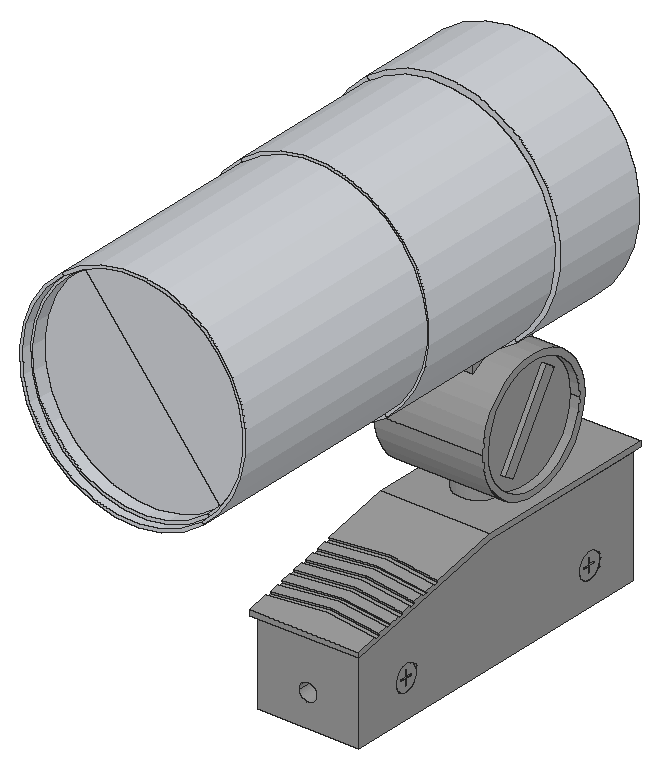
Revit family "TUBE GARDEN_JM10SW.1.38", category Luminarias, Revit 2019
Family settings
  Cota de conector redondo = Diámetro de uso
  Tipo de pieza = Normal
  Se basa en plano de trabajo = Sí
  Siempre vertical = No
  Corte con vacíos al cargar = No
  Origen de luz = Sí
  Compartido = No
  Punto de cálculo de habitación = No
Parameters (values of type "TUBE GARDEN_JM10SW.1.38")
  Ángulo de inclinación = 60.00°
  Zone [instance] = ""
  Watt per fixture = 12.6
  Wattage = 12.6 W
  built-in parameter 1150107 = 3000 (stored number, unit not read)
  built-in parameter 1150110 = 1 (stored number, unit not read)
  built-in parameter 1150109 = 1 (stored number, unit not read)
  built-in parameter 1150112 = 1 (stored number, unit not read)
  built-in parameter 1150113 = 1 (stored number, unit not read)
  built-in parameter 1114218 = 1 (stored number, unit not read)
  Keynote = ""
  built-in parameter 1150137 = (empty or 0)
  built-in parameter 1150132 = (empty or 0)
  Modelo = "JM10SW.1.38"
  Lámpara = "NICHIA"
  built-in parameter 1150105 = 80.344 (stored number, unit not read)
  built-in parameter 1150102 = (empty or 0)
  built-in parameter 1150106 = 0.80344 (stored number, unit not read)
  Lumens = 1009.64 lm
  Color Filter = 16777215
  built-in parameter 1114217 = 1 (stored number, unit not read)
  built-in parameter 1150139 = (empty or 0)
  Fabricante = "BRILLANT"
  Default Elevation = 0 mm
  built-in parameter 1150104 = 7.4443 (stored number, unit not read)
  Descripción = "LUMINARIA DE JARDIN DIRIGIBLE CON DIFERENTES TIPOS DE SUJECION, CUERPO DE ALUMINIO FUNDIDO A PRESION CUBIERTO CON POLVO GRIS OSCURO Y VIDRIO TEMPLADO DE 4MM CON UN PESO DE 1KG, USO PARA INTERIORES Y EXTERIORES IP 66, 1 LED TIPO NICHIA CON UNA POTENCIA DE 12.6W, IRC 80, 1000 LUMENES, TEMPERATURA EN BLANCO CALIDO 3000K, EFICIENCIA DE 80.13 LM/W, APERTURA DE 38 GRADOS POR PROYECTO, CABLE DE 1.9M H05RN-F, ALIMENTADO A 100-240V."
  built-in parameter 1150115 = 1 (stored number, unit not read)
  built-in parameter 1150114 = 1 (stored number, unit not read)
  Comentarios de vataje = "100-240V"
  built-in parameter 1150138 = (empty or 0)
  built-in parameter 1150134 = (empty or 0)
  Circuit [instance] = ""
  Dimming Lamp Color Temperature Shift = (empty or 0)
  Archivo de red fotométrica = "JM10SW.1_40°_240V.IES"
  built-in parameter 1150133 = 10 (stored number, unit not read)
Reference planes
  plane 1 "Centro (Frontal/Posterior)": y = 0
  plane 2: z = 0
  plane 3 "Centro (Izquierda/Derecha)": x = 0
  plane 4: y = -61.917
  plane 5: y = 38.083
  plane 6: z = 35
  plane 7: z = 145
Forms (mm)
  Extrusion 1, solid, material "Aluminio"
    sketch origin (39.88, 0, 33.686) x (0, 0, 1) y (0, -1, 0)
      loop
        line (-33.825, 60.622) -> (-33.825, -36.369) -> (-1.361, -36.369) -> (-1.361, 15.603) -> (-10.93, 60.622) -> (-33.825, 60.622)
    from -54.278 to -25.483
  Revolve 2, solid
    sketch origin (61.33, -20.719, 35.253) x (-0.62932, 0, 0.777146) y (0, -1, 0)
      loop
        line (131.455, -35.031) -> (131.455, -7.435) -> (129.367, -7.435) -> (129.367, -6.354) -> (130.392, -6.354) -> (130.392, 38.021) -> (129.592, 38.021) -> (129.592, 102.136) -> (128.792, 102.136) -> (128.792, 99.443) -> (127.981, 99.443) -> (127.981, 95.475) -> (97.455, 95.475) -> (97.455, -36.864) -> (129.367, -36.864) -> (129.367, -35.031) -> (131.455, -35.031)
      axis (97.455, -36.864) -> (97.455, 102.136)
    angle from 0 to 360
  Extrusion 3, solid, material "Aluminio"
    sketch origin (0.356, 0, 14.678) x (0, 0, 1) y (0, -1, 0)
      loop
        circle (41.155, 0) r 18.092
      loop
        circle (41.155, 0) r 16.339
    from -15.819 to 15
  Extrusion 4, solid, material "Aluminio"
    sketch origin (0.356, 0, 14.678) x (0, 0, 1) y (0, -1, 0)
      loop
        circle (41.155, 0) r 16.339
    from -12.926 to 12.368
  Extrusion 5, solid, material "Aluminio"
    sketch origin (0.356, 0, 14.678) x (0, 0, 1) y (0, -1, 0)
      loop
        line (53.596, -5.944) -> (31.281, 8.548) -> (29.59, 5.944) -> (51.905, -8.548) -> (53.596, -5.944)
    from 12.368 to 14.042
  Extrusion 6, solid, material "Aluminio"
    sketch origin (-0.356, 0, 14.678) x (0, 0, 1) y (0, 1, 0)
      loop
        line (53.596, 5.944) -> (51.905, 8.548) -> (29.59, -5.944) -> (31.281, -8.548) -> (53.596, 5.944)
    from 12.368 to 14.042
  Extrusion 7, solid, material "Aluminio"
    sketch origin (-8.138, 0, 16.682) x (0, 0, 1) y (0, -1, 0)
      loop
        line (61.699, 10.674) -> (53.75, 10.674)
        arc (53.75, 10.674) -> (57.104, 0.102) -> (53.75, -10.47) r 18.336
        line (53.75, -10.47) -> (61.699, -10.47) -> (61.699, 10.674)
    from 1.534 to 14.765
  Extrusion 8, solid, material "Aluminio"
    sketch origin (0, 0, 0) x (1, 0, 0) y (0, 1, 0)
      loop
        circle (0, 0) r 6.607
    from 35 to 39.074
  Extrusion 9, solid, material "Aluminio"
    sketch origin (39.88, 0.947, 34.633) x (0, 0, 1) y (0, -1, 0)
      loop
        line (-1.133, -37.136) -> (0.367, -37.136) -> (0.367, 16.522) -> (-9.484, 62.864) -> (-10.984, 62.864) -> (-1.133, 16.522) -> (-1.133, -37.136)
    from -55.344 to -24.525
  Extrusion 10, void
    sketch origin (0, 1.025, 6.176) x (1, 0, 0) y (0, 0.978012, 0.208547)
      loop
        line (-21.529, -31.26) -> (0, -28.617) -> (21.507, -31.257) -> (21.507, -29.746) -> (0, -27.105) -> (-21.529, -29.749) -> (-21.529, -31.26)
    from 31.104 to 32.437
  Extrusion 11, void
    sketch origin (0, -3.127, 5.294) x (1, 0, 0) y (0, 0.978012, 0.208547)
      loop
        line (-21.529, -31.26) -> (0, -28.617) -> (21.507, -31.257) -> (21.507, -29.746) -> (0, -27.105) -> (-21.529, -29.749) -> (-21.529, -31.26)
    from 31.104 to 32.437
  Extrusion 12, void
    sketch origin (0, -7.292, 4.406) x (1, 0, 0) y (0, 0.978012, 0.208547)
      loop
        line (-21.529, -31.26) -> (0, -28.617) -> (21.507, -31.257) -> (21.507, -29.746) -> (0, -27.105) -> (-21.529, -29.749) -> (-21.529, -31.26)
    from 31.104 to 32.437
  Extrusion 13, void
    sketch origin (0, -11.443, 3.52) x (1, 0, 0) y (0, 0.978012, 0.208547)
      loop
        line (-21.529, -31.26) -> (0, -28.617) -> (21.507, -31.257) -> (21.507, -29.746) -> (0, -27.105) -> (-21.529, -29.749) -> (-21.529, -31.26)
    from 31.104 to 32.437
  Extrusion 14, void
    sketch origin (0, -15.611, 2.632) x (1, 0, 0) y (0, 0.978012, 0.208547)
      loop
        line (-21.529, -31.26) -> (0, -28.617) -> (21.507, -31.257) -> (21.507, -29.746) -> (0, -27.105) -> (-21.529, -29.749) -> (-21.529, -31.26)
    from 31.104 to 32.437
  Extrusion 15, void
    sketch origin (0, -19.773, 1.744) x (1, 0, 0) y (0, 0.978012, 0.208547)
      loop
        line (-21.529, -31.26) -> (0, -28.617) -> (21.507, -31.257) -> (21.507, -29.746) -> (0, -27.105) -> (-21.529, -29.749) -> (-21.529, -31.26)
    from 31.104 to 32.437
  Extrusion 16, void
    sketch origin (0, 0, 0) x (1, 0, 0) y (0, 0, 1)
      loop
        circle (0, 9.003) r 2.52
    from -37.016 to 61.917
  Extrusion 17, void
    sketch origin (13.624, 0, 26.957) x (0, 0, 1) y (0, -1, 0)
      loop
        circle (-16.558, 43.85) r 3.807
      loop
        circle (-16.558, -21.15) r 3.807
    from 0 to 1.376
  Extrusion 18, void
    sketch origin (-13.624, 0, 26.957) x (0, 0, 1) y (0, 1, 0)
      loop
        circle (-16.558, -43.85) r 3.807
      loop
        circle (-16.558, 21.15) r 3.807
    from 0 to 1.376
  Extrusion 19, solid, material "Aluminio"
    sketch origin (39.88, 0.947, 24.633) x (0, 0, 1) y (0, -1, 0)
      loop
        circle (-14.235, 44.797) r 3.604
      loop
        line (-12.053, 45.203) -> (-13.83, 45.203) -> (-13.83, 46.979) -> (-14.64, 46.979) -> (-14.64, 45.203) -> (-16.417, 45.203) -> (-16.417, 44.392) -> (-14.64, 44.392) -> (-14.64, 42.616) -> (-13.83, 42.616) -> (-13.83, 44.392) -> (-12.053, 44.392) -> (-12.053, 45.203)
      loop
        circle (-14.235, -20.203) r 3.604
      loop
        line (-12.053, -19.797) -> (-13.83, -19.797) -> (-13.83, -18.021) -> (-14.64, -18.021) -> (-14.64, -19.797) -> (-16.417, -19.797) -> (-16.417, -20.608) -> (-14.64, -20.608) -> (-14.64, -22.384) -> (-13.83, -22.384) -> (-13.83, -20.608) -> (-12.053, -20.608) -> (-12.053, -19.797)
    from -26.256 to -25.674
  Extrusion 20, solid, material "Aluminio"
    sketch origin (-39.88, 0.947, 24.633) x (0, 0, 1) y (0, 1, 0)
      loop
        circle (-14.235, -44.797) r 3.604
      loop
        line (-12.053, -45.203) -> (-12.053, -44.392) -> (-13.83, -44.392) -> (-13.83, -42.616) -> (-14.64, -42.616) -> (-14.64, -44.392) -> (-16.417, -44.392) -> (-16.417, -45.203) -> (-14.64, -45.203) -> (-14.64, -46.979) -> (-13.83, -46.979) -> (-13.83, -45.203) -> (-12.053, -45.203)
      loop
        circle (-14.235, 20.203) r 3.604
      loop
        line (-12.053, 19.797) -> (-12.053, 20.608) -> (-13.83, 20.608) -> (-13.83, 22.384) -> (-14.64, 22.384) -> (-14.64, 20.608) -> (-16.417, 20.608) -> (-16.417, 19.797) -> (-14.64, 19.797) -> (-14.64, 18.021) -> (-13.83, 18.021) -> (-13.83, 19.797) -> (-12.053, 19.797)
    from -26.256 to -25.674
  Extrusion 21, void
    sketch origin (0, 0, 0) x (1, 0, 0) y (0, 0, 1)
      loop
        circle (-7.163, 17.402) r 6.005
      loop
        circle (-7.163, 17.402) r 5.658
      loop
        circle (-9.606, 17.402) r 0.823
      loop
        circle (-4.719, 17.402) r 0.823
    from -37.016 to -35.635
  Extrusion 22, void
    sketch origin (0, 0, 0) x (-1, 0, 0) y (0, 0, -1)
      loop
        circle (-7.163, -17.402) r 6.005
      loop
        circle (-7.163, -17.402) r 5.658
      loop
        circle (-9.606, -17.402) r 0.823
      loop
        circle (-4.719, -17.402) r 0.823
    from -37.016 to -35.635
Cuts and joins
  Extrusion 10, Extrusion 11, Extrusion 12, Extrusion 13, Extrusion 14, Extrusion 15 cuts Extrusion 9
  Extrusion 16, Extrusion 17, Extrusion 18, Extrusion 21, Extrusion 22 cuts Extrusion 1
Dimensions and locks
  plane 4 to plane 5 = 100 mm
  plane 6 to level = 35 mm
  plane 7 to level = 145 mm
  Revolve 2 to Revolve 2 = 139 mm
  Revolve 2 sketch curve to Revolve 2 sketch curve = 26.423 mm
  aligned and locked: level to plane 2
Connectors
  electrical at (0, 36.369, 16.093)
    settings: on cut or joined group of Extrusion 1, Extrusion 16, Extrusion 17, Extrusion 18, Extrusion 21, Extrusion 22, index 1, voltage 240 V, apparent load 0 VA, apparent load phase1 0 VA, apparent load phase2 0 VA, apparent load phase3 0 VA, power factor 1, load classification "Otro", number of poles 1, system type 31, power factor state 1, is connector primary yes, connector utility no, sub classification motor no, connector description ""
